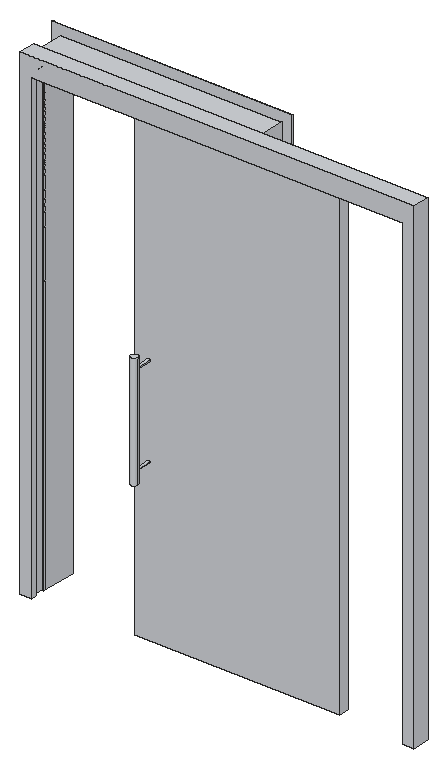
Revit family "Porta de correr com revestimento - 1 Painel com painel", category Portas, Revit 2019
Family settings
  Hospedeiro = Parede
  Número OmniClass = 23.30.10.00
  Título OmniClass = Doors
  Sempre na vertical = Sim
  Corte com vazios quando carregada = Não
  Compartilhado = Não
  Ponto de cálculo do ambiente = Não
Parameters (values of type "920 x 2100mm")
  Visual Light Transmittance = 0
  Largura da apara = 70 mm
  Espessura da apara = 10 mm
  Material da apara = none
  Solar Heat Gain Coefficient = 0
  ID do tipo de construção = ""
  Coeficiente de transferência de calor (U) = 3.7021 W/(m²·K)
  Espessura da moldura = 75 mm
  Espessura = Espessura do painel  # 45 mm
  Material deslizante = none
  Rough Width = Width  # 970 mm
  Rough Height = Height  # 2100 mm
  Largura do painel = Width - 70 mm  # 900 mm
  Espessura do painel = 45 mm
  Material do painel = none
  Material do puxador = none
  Função = Interior
  Height = 2100 mm
  Fechamento da parede = Por hospedeiro
  Width = 970 mm
  Largura da estrutura = 50 mm
  Material da moldura = none
  Largura estendida = Largura do painel - 190 mm  # 710 mm
  Construção analítica = Metal
Types (5, lengths in mm): name | Espessura da moldura | Rough Width | Largura do painel | Width | Largura estendida
  (no name) | 75 | 970 | 900 | 970 | 710
  620 x 2100mm | 100 | 690 | 620 | 690 | 430
  720 x 2100mm | 100 | 790 | 720 | 790 | 530
  820 x 2100mm | 100 | 890 | 820 | 890 | 630
  920 x 2100mm | 75 | 970 | 900 | 970 | 710
Reference planes
  plane 1 "Centro (Frente/Trás)": y = 0
  plane 2 "Centro (Esquerda/Direita)": x = 0
  plane 3 "Esquerda": x = -485
  plane 4 "Direita": x = 485
  plane 5: z = 2100
  plane 6 "Exterior": y = 75
  plane 7 "Interior": y = -75
  plane 8: z = 0
  plane 9: z = 1050
  plane 10: y = -80
  plane 11: y = -125
  plane 12: x = 900
  plane 13: z = 2150
  plane 14: x = -435
  plane 15: x = 1195
  plane 16: z = 2050
  plane 17: y = -150
  plane 18: x = 1245
  plane 19: y = -125
  plane 20: y = -80
  plane 21: y = -150
  plane 22: x = 60
  plane 23: z = 900
  plane 24: x = 450
  plane 25: x = 312.5
  plane 26: x = 587.5
  plane 27: through (320, -300, 1054.33) normal (-0.5, 0, 0.866)
  plane 28: through (320, -300, 1045.67) normal (0.5, 0, 0.866)
  plane 29: x = 1245
  plane 30: y = -102.5
Forms (mm)
  Extrusion 1, solid, material <- "Material do painel", detail levels medium+fine
    sketch origin (135, -90, 0) x (1, 0, 0) y (0, 1, 0)
      loop
        line (-135, 10) -> (-135, -35) -> (765, -35) -> (765, 10) -> (-135, 10)
    from 0 to 2050
  Sweep 2, solid, material <- "Material da moldura", detail levels medium+fine
    path origin (0, -75, 0) x (1, 0, 0) y (0, 0, 1)
      loop
        line (-485, 0) -> (-485, 2100) -> (485, 2100) -> (485, 0)
    profile origin (-485, -75, 1050) x (-1, 0, 0) y (0, -1, 0)
      loop
        line (0, -150) -> (0, 0) -> (-50, 0) -> (-50, -150) -> (0, -150)
  Sweep 3, solid, material <- "Material da moldura", detail levels fine
    path origin (0, -75, 0) x (1, 0, 0) y (0, 0, 1)
      loop
        line (1245, 2050) -> (-485, 2050)
    profile "Perfil_Moldura : Perfil_Moldura" origin (380, -75, 2050) x (0, 0, -1) y (0, -1, 0)
      loop
        line (0, 75) -> (-85, 75) -> (-85, 0) -> (0, 0) -> (0, 5) -> (-45, 5) -> (-45, 55) -> (0, 55) -> (0, 75)
  Sweep 4, solid, material <- "Material da moldura", detail levels fine
    path origin (0, -75, 0) x (1, 0, 0) y (0, 0, 1)
      loop
        line (-435, 2100) -> (-435, 0)
    profile origin (-435, -75, 1050) x (0, -1, 0) y (1, 0, 0)
      loop
        line (0, 0) -> (0, -50) -> (75, -50) -> (75, 0) -> (50, 0) -> (50, -10) -> (5, -10) -> (5, 0) -> (0, 0)
  Sweep 5, solid, material <- "Material da moldura", detail levels fine
    path origin (0, -75, 0) x (1, 0, 0) y (0, 0, 1)
      loop
        line (1195, 2100) -> (1195, 0)
    profile origin (1195, -75, 1050) x (0, -1, 0) y (1, 0, 0)
      loop
        line (0, 0) -> (5, 0) -> (5, 10) -> (50, 10) -> (50, 0) -> (75, 0) -> (75, 50) -> (0, 50) -> (0, 0)
  Extrusion 6, solid, material <- "Material do painel", detail levels coarse
    sketch origin (0, 0, 0) x (1, 0, 0) y (0, 1, 0)
      loop
        line (0, -80) -> (0, -125) -> (900, -125) -> (900, -80) -> (0, -80)
    from 0 to 2100
  Sweep 7, solid, detail levels fine
    path origin (-445, -102.5, 2095) x (1, 0, 0) y (0, 0, 1)
      loop
        line (0, 0) -> (1650, 0)
    profile "Perfil_Deslizante : Perfil_Deslizante" origin (380, -102.5, 2095) x (0, 0, 1) y (0, -1, 0)
      loop
        line (-35, -6.708) -> (-35, -17.5) -> (0, -17.5) -> (0, 17.5) -> (-35, 17.5) -> (-35, 6.708)
        arc (-35, 6.708) -> (-33.877, 3.998) -> (-31.167, 2.875) r 3.833
        line (-31.167, 2.875) -> (-31.167, 4.875)
        arc (-31.167, 4.875) -> (-32.819, 5.914) -> (-32.598, 7.854) r 1.833
        arc (-32.598, 7.854) -> (-32, 8.375) -> (-32.598, 8.896) r 0.526
        arc (-32.598, 8.896) -> (-32.897, 9.434) -> (-33, 10.042) r 1.833
        line (-33, 10.042) -> (-33, 15.5) -> (-2, 15.5) -> (-2, -15.5) -> (-33, -15.5) -> (-33, -10.042)
        arc (-33, -10.042) -> (-32.897, -9.434) -> (-32.598, -8.896) r 1.833
        spline (-32.598, -8.896) -> (-32.449, -8.895) -> (-32.306, -8.852) -> (-32.18, -8.771) -> (-32.083, -8.658) -> (-32.021, -8.523) -> (-32, -8.375) -> (-32.021, -8.227) -> (-32.083, -8.092) -> (-32.18, -7.979) -> (-32.306, -7.898) -> (-32.449, -7.855) -> (-32.598, -7.854)
        arc (-32.598, -7.854) -> (-32.819, -5.914) -> (-31.167, -4.875) r 1.833
        line (-31.167, -4.875) -> (-31.167, -2.875)
        arc (-31.167, -2.875) -> (-33.877, -3.998) -> (-35, -6.708) r 3.833
      loop
        arc (-9.083, 5.875) -> (-8.25, 6.708) -> (-9.083, 7.542) r 0.833
        arc (-9.083, 7.542) -> (-9.917, 8.375) -> (-9.083, 9.208) r 0.833
        arc (-9.083, 9.208) -> (-8.25, 10.042) -> (-9.083, 10.875) r 0.833
        line (-9.083, 10.875) -> (-31.167, 10.875)
        arc (-31.167, 10.875) -> (-32, 10.042) -> (-31.167, 9.208) r 0.833
        arc (-31.167, 9.208) -> (-30.333, 8.375) -> (-31.167, 7.542) r 0.833
        arc (-31.167, 7.542) -> (-32, 6.708) -> (-31.167, 5.875) r 0.833
        line (-31.167, 5.875) -> (-21.25, 5.875) -> (-21.25, 1.25) -> (-45, 1.25) -> (-45, -1.25) -> (-21.25, -1.25) -> (-21.25, -5.875) -> (-31.167, -5.875)
        arc (-31.167, -5.875) -> (-32, -6.708) -> (-31.167, -7.542) r 0.833
        arc (-31.167, -7.542) -> (-30.333, -8.375) -> (-31.167, -9.208) r 0.833
        arc (-31.167, -9.208) -> (-32, -10.042) -> (-31.167, -10.875) r 0.833
        line (-31.167, -10.875) -> (-9.083, -10.875)
        arc (-9.083, -10.875) -> (-8.25, -10.042) -> (-9.083, -9.208) r 0.833
        arc (-9.083, -9.208) -> (-9.917, -8.375) -> (-9.083, -7.542) r 0.833
        arc (-9.083, -7.542) -> (-8.25, -6.708) -> (-9.083, -5.875) r 0.833
        line (-9.083, -5.875) -> (-18.75, -5.875) -> (-18.75, 5.875) -> (-9.083, 5.875)
  Sweep 8, solid, material <- "Material da apara", detail levels fine
    path origin (0, 75, 0) x (1, 0, 0) y (0, 0, 1)
      loop
        line (-485, 0) -> (-485, 2100) -> (485, 2100) -> (485, 0)
    profile "Perfil da apara : Perfil da apara" origin (485, 75, 1050) x (1, 0, 0) y (0, -1, 0)
      loop
        line (43, 0) -> (-27, 0) -> (-27, -10) -> (37, -10) -> (43, -4) -> (43, 0)
  Sweep 9, solid, material <- "Material da moldura", detail levels medium
    path origin (0, -75, 0) x (1, 0, 0) y (0, 0, 1)
      loop
        line (-485, 0) -> (-485, 2100) -> (1245, 2100) -> (1245, 0)
    profile origin (-485, -75, 1050) x (-1, 0, 0) y (0, -1, 0)
      loop
        line (0, 75) -> (-50, 75) -> (-50, 0) -> (0, 0) -> (0, 75)
Cuts and joins
  joined: Sweep 3, Sweep 4, Sweep 5
Lines and regions (mm)
  Opening 1
    outline origin (-3050, -75, 0) x (1, 0, 0) y (0, 0, 1)
      loop
        line (2565, 0) -> (3535, 0) -> (3535, 2100) -> (2565, 2100) -> (2565, 0)
  symbolic lines, style "Giro da elevação"
    curve 1: line (900, 75, 2100) -> (0, 75, 0)
    curve 2: line (0, 75, 2100) -> (900, 75, 0)
  symbolic lines, style "Seta"
    curve 3: line (312.5, -75, 1050) -> (587.5, -75, 1050)
    curve 4: line (312.5, -75, 1050) -> (390.442, -75, 1095)
    curve 5: line (312.5, -75, 1050) -> (390.442, -75, 1005)
Text (mm)
  text "Externo" at (-2295.016, 1099.543, 0), in view "Nível de referência"
  text "Externo" at (0, 1615.38, 3698.081), in view "Esquerda"
  text "Externo" at (0, 1036.032, 3874.932), in view "Direita"
Dimensions and locks
  equal spacing: plane 3 "Esquerda", plane 2 "Centro (Esquerda/Direita)", plane 4 "Direita"
  "Width": plane 3 "Esquerda" to plane 4 "Direita"
  "Height": plane 5 to host wall
  host wall to plane 5 = 2100 mm  (x2)
  locked: plane 6 "Exterior" to host wall at 0
  locked: plane 7 "Interior" to host wall
  equal spacing: level, plane 9, plane 5
  locked: plane 7 "Interior" to plane 10 at 5
  "Espessura": plane 10 to plane 11
  "Largura do painel": plane 2 "Centro (Esquerda/Direita)" to plane 12
  locked: plane 13 to plane 5 at 50
  "Largura da estrutura": plane 3 "Esquerda" to plane 14
  plane 5 to plane 13 = 50 mm
  "Largura estendida": plane 4 "Direita" to plane 15
  "Largura da estrutura": plane 5 to plane 16
  "Espessura da moldura": plane 17 to plane 7 "Interior"
  "Largura da estrutura": plane 3 "Esquerda" to profile plane
  "Espessura": plane 19 to plane 20
  "Largura da estrutura": plane 15 to plane 18
  "Espessura da moldura": plane 21 to plane 7 "Interior"
  locked: Sweep 5 sketch curve to Sweep 5 sketch curve at 10
  locked: plane 22 to plane 2 "Centro (Esquerda/Direita)" at 60
  locked: plane 8 to plane 23 at 900
  locked: plane 2 "Centro (Esquerda/Direita)" to plane 22 at 60
  equal spacing: plane 12, plane 24, plane 2 "Centro (Esquerda/Direita)"
  locked: plane 26 to plane 25 at 275
  equal spacing: plane 26, plane 24, plane 25
  locked: curve 4 to curve 4 at 90
  locked: curve 5 to curve 5 at 90
  "Largura da estrutura": plane 15 to plane 29
  equal spacing: plane 10, plane 30, plane 11
  locked: plane 9 to plane 27 (angle 30.00°)
  locked: plane 28 to plane 9 (angle 30.00°)
  aligned and locked: plane 3 "Esquerda" to Opening 1 sketch curve
  aligned and locked: plane 5 to Opening 1 sketch curve  (x2)
  aligned and locked: Opening 1 sketch curve to plane 4 "Direita"
  aligned and locked: Opening 1 sketch curve to level
  aligned and locked: plane 1 "Centro (Frente/Trás)" to host wall
  aligned and locked: level to plane 8
  aligned and locked: plane 5 to curve 1
  aligned and locked: level to curve 2
  aligned and locked: plane 5 to curve 2
  aligned and locked: level to curve 1
  aligned and locked: Extrusion 1 to plane 11
  aligned and locked: plane 10 to Extrusion 1
  aligned and locked: plane 12 to Extrusion 1
  aligned and locked: Extrusion 1 to plane 2 "Centro (Esquerda/Direita)"
  aligned and locked: Sweep 2 sketch curve to plane 3 "Esquerda"
  aligned and locked: plane 4 "Direita" to Sweep 2 sketch curve
  aligned and locked: Sweep 2 sketch curve to plane 14
  aligned and locked: plane 6 "Exterior" to Sweep 2 sketch curve
  aligned and locked: Sweep 2 sketch curve to plane 7 "Interior"
  aligned and locked: Extrusion 1 to curve 1
  aligned and locked: Extrusion 1 to curve 2
  aligned and locked: plane 16 to Sweep 3 sketch curve
  aligned and locked: Sweep 2 sketch curve to plane 5
  aligned and locked: plane 7 "Interior" to Sweep 2
  aligned and locked: plane 8 to Sweep 4 sketch curve
  aligned and locked: Sweep 4 sketch curve to Sweep 2
  aligned and locked: Sweep 4 sketch curve to plane 7 "Interior"
  aligned and locked: plane 3 "Esquerda" to Sweep 4 sketch curve
  aligned and locked: plane 11 to Sweep 4 sketch curve
  aligned and locked: Sweep 4 sketch curve to plane 10
  aligned and locked: plane 8 to Sweep 5 sketch curve
  aligned and locked: plane 11 to Sweep 5 sketch curve
  aligned and locked: plane 15 to Sweep 5 sketch curve
  aligned and locked: Sweep 5 sketch curve to plane 18
  aligned and locked: plane 7 "Interior" to Sweep 5 sketch curve
  aligned and locked: plane 21 to Sweep 5 sketch curve
  aligned and locked: plane 3 "Esquerda" to Sweep 3 sketch curve
  aligned and locked: plane 5 to Sweep 5 sketch curve
  aligned and locked: plane 5 to Sweep 4 sketch curve
  aligned and locked: plane 22 to nested 1
  aligned and locked: plane 23 to nested 1
  aligned and locked: cut or joined group of Sweep 3, Sweep 4, Sweep 5 to Extrusion 1
  aligned and locked: plane 11 to nested 1
  aligned and locked: nested 1 to plane 10
  aligned and locked: curve 3 to plane 9
  aligned and locked: plane 26 to curve 3
  aligned and locked: curve 5 to plane 28
  aligned and locked: plane 29 to cut or joined group of Sweep 3, Sweep 4, Sweep 5
  aligned and locked: plane 2 "Centro (Esquerda/Direita)" to Extrusion 6 sketch curve
  aligned and locked: Extrusion 6 sketch curve to plane 12
  aligned and locked: Extrusion 6 sketch curve to plane 10
  aligned and locked: Extrusion 6 sketch curve to plane 11
  aligned and locked: Extrusion 6 to plane 5
  aligned and locked: Extrusion 6 to plane 8
  aligned and locked: nested 2 to cut or joined group of Sweep 3, Sweep 4, Sweep 5
  aligned and locked: Sweep 7 sketch curve to cut or joined group of Sweep 3, Sweep 4, Sweep 5
  aligned and locked: plane 30 to nested 2
  aligned and locked: Sweep 7 to Extrusion 1  (x2)
  aligned and locked: nested 2 to Extrusion 1
  aligned and locked: plane 4 "Direita" to Sweep 8 sketch curve
  aligned and locked: plane 5 to Sweep 8 sketch curve
  aligned and locked: plane 3 "Esquerda" to Sweep 8 sketch curve
  aligned and locked: Sweep 9 sketch curve to plane 3 "Esquerda"  (x2)
  aligned and locked: Sweep 9 sketch curve to plane 5
  aligned and locked: Sweep 9 sketch curve to plane 29
  aligned and locked: Sweep 9 sketch curve to cut or joined group of Sweep 3, Sweep 4, Sweep 5  (x2)
  aligned and locked: Sweep 9 sketch curve to plane 7 "Interior"
Automatic sketch dimensions
  Sweep 2 sketch curve to level = 0 mm  (x2)
  Extrusion 1 sketch curve to plane 2 "Centro (Esquerda/Direita)" = 0 mm
  plane 11 to Extrusion 1 sketch curve = 0 mm
  Extrusion 1 sketch curve to plane 12 = 0 mm
  Extrusion 1 sketch curve to plane 10 = 0 mm
  curve 1 to plane 2 "Centro (Esquerda/Direita)" = 0 mm
  curve 2 to plane 12 = 0 mm
  Sweep 2 sketch curve to profile plane = 0 mm
  Sweep 4 sketch curve to profile plane = 0 mm  (x2)
  Sweep 4 sketch curve to plane 17 = 0 mm
  Sweep 5 sketch curve to plane 15 = 0 mm
  Sweep 5 sketch curve to profile plane = 0 mm
  Sweep 5 sketch curve to Sweep 5 sketch curve = 5 mm
  profile plane to Sweep 4 sketch curve = 10 mm
  plane 15 to Sweep 3 sketch curve = 50 mm
  plane 27 to curve 4 = 0 mm
  Sweep 7 sketch curve to plane 3 "Esquerda" = 40 mm
  plane 15 to Sweep 7 sketch curve = 10 mm
  Sweep 8 sketch curve to level = 0 mm  (x2)
  Sweep 9 sketch curve to level = 0 mm  (x2)
Nested families
  nested 1: "Maçaneta da porta 4" at (60, -102.5, 900), type "Altura 500 mm", detail levels fine
  nested 2: "Deslizante_H" at (-445, -102.5, 2095), type "Deslizante_H", detail levels medium
Definition of nested family "Maçaneta da porta 4"
  Parameters
    Espessura do painel = 45 mm
    Material do puxador = none
    Raio do puxador = 15 mm
    Altura do puxador = 500 mm
    Profundidade do puxador = 80 mm
    Raio do conector = 5 mm
    Altura do conector = Altura do puxador - 100 mm  # 400 mm
    Assembly Code = ""
  Reference planes
    plane 1 "Centro (Frente/Trás)": y = 0
    plane 2: z = 0
    plane 3 "Centro (Esquerda/Direita)": x = 0
    plane 4: z = 250
    plane 5: y = -102.5
    plane 6: z = -250
    plane 7: z = 200
    plane 8: z = -200
    plane 9: y = -22.5
    plane 10: y = 22.5
    plane 11: y = 102.5
  Forms (mm)
    Extrusion 1, solid, material <- "Material do puxador"
      sketch origin (0, -30.569, 0) x (1, 0, 0) y (0, 1, 0)
        loop
          circle (0, -71.931) r 15
      from -250 to 250
    Extrusion 2, solid, material <- "Material do puxador"
      sketch origin (0, 0, 0) x (1, 0, 0) y (0, 0, 1)
        loop
          circle (0, 200) r 5
        loop
          circle (0, -200) r 5
      from 22.5 to 102.5
    Extrusion 3, solid, material <- "Material do puxador"
      sketch origin (0, 0, 0) x (1, 0, 0) y (0, 0, -1)
        loop
          circle (0, -200) r 5
        loop
          circle (0, 200) r 5
      from 22.5 to 102.5
    Extrusion 4, solid, material <- "Material do puxador"
      sketch origin (0, 30.569, 0) x (1, 0, 0) y (0, 1, 0)
        loop
          circle (0, 71.931) r 15
      from -250 to 250
  Dimensions and locks
    equal spacing: plane 4, plane 2, plane 6
    "Altura do puxador": plane 4 to plane 6
    equal spacing: plane 7, plane 2, plane 8
    "Altura do conector": plane 7 to plane 8
    equal spacing: plane 9, plane 1 "Centro (Frente/Trás)", plane 10
    "Profundidade do puxador": plane 9 to plane 5
    "Profundidade do puxador": plane 10 to plane 11
    "Espessura do painel": plane 9 to plane 10
    "Raio do puxador": radius of Extrusion 1 sketch curve
    "Raio do conector": radius of Extrusion 2 sketch curve  (x2)
    "Raio do conector": radius of Extrusion 3 sketch curve  (x2)
    "Raio do puxador": radius of Extrusion 4 sketch curve
    aligned and locked: plane 6 to Extrusion 1
    aligned and locked: plane 4 to Extrusion 1
    aligned: Extrusion 2 to plane 5
    aligned and locked: Extrusion 2 to plane 5  (x2)
    aligned and locked: plane 9 to Extrusion 2
    aligned and locked: plane 5 to Extrusion 1 sketch curve
    aligned and locked: plane 3 "Centro (Esquerda/Direita)" to Extrusion 1 sketch curve
    aligned and locked: Extrusion 2 to plane 9  (x2)
    aligned and locked: plane 10 to Extrusion 3
    aligned and locked: Extrusion 3 to plane 11
    aligned and locked: plane 11 to Extrusion 4 sketch curve
    aligned and locked: plane 3 "Centro (Esquerda/Direita)" to Extrusion 4 sketch curve
    aligned and locked: plane 4 to Extrusion 4
    aligned and locked: plane 6 to Extrusion 4
  Automatic sketch dimensions
    Extrusion 2 sketch curve to plane 3 "Centro (Esquerda/Direita)" = 0 mm  (x2)
    Extrusion 2 sketch curve to plane 8 = 0 mm
    Extrusion 2 sketch curve to plane 7 = 0 mm
    Extrusion 3 sketch curve to plane 3 "Centro (Esquerda/Direita)" = 0 mm  (x2)
    Extrusion 3 sketch curve to plane 7 = 0 mm
    Extrusion 3 sketch curve to plane 8 = 0 mm
Definition of nested family "Deslizante_H"
  Reference planes
    plane 1 "Centro (Frente/Trás)": y = 0
    plane 2: z = 0
    plane 3 "Centro (Esquerda/Direita)": x = 0
  Lines and regions (mm)
    symbolic lines
      curve 1: line (0, -17.5, 0) -> (0, 17.5, 0)
      curve 2: line (0, 17.5, 0) -> (0, 17.5, -35)
      curve 3: line (0, 17.5, -35) -> (0, 1.25, -35)
      curve 4: line (0, -17.5, -35) -> (0, -17.5, 0)
      curve 5: line (0, -1.25, -35) -> (0, -17.5, -35)
      curve 6: line (0, -1.25, -35) -> (0, -1.25, -45)
      curve 7: line (0, 1.25, -45) -> (0, 1.25, -25)
      curve 8: line (0, -1.25, -35) -> (0, -1.25, -25)
      curve 9: line (0, -1.25, -25) -> (0, 1.25, -25)
      curve 10: line (0, 1.25, -45) -> (0, -1.25, -45)
  Dimensions and locks
    aligned and locked: level to plane 2
